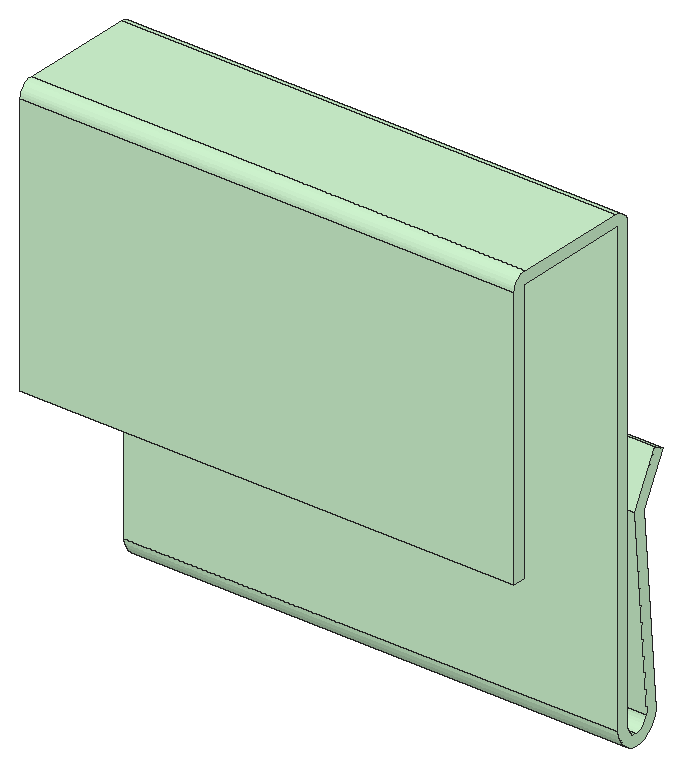
Revit family "sqspacer_w10", category 機械設備, Revit 2022
Family settings
  丸型コネクタ寸法 = 直径を使用
  種別 = なし
  パーツ タイプ = 標準
  作業面ベース = いいえ
  常に垂直 = はい
  ロード時にボイドで切り取り = いいえ
  注釈の向きを維持 = いいえ
  共有 = いいえ
  部屋計算ポイント = いいえ
Parameters
  製造元 = "株式会社桐井製作所"
  既定の高さ = 0 mm
  URL = "https://www.kirii.co.jp/"
  K_材質 = "溶融亜鉛めっき鋼板"
  K_品名 = "SQ-スペーサーW10"
  K_名称 = "SQ-BAR関連部材"
  K_入数 = "800"
  K_バージョン情報 = "20210524"
Reference planes
  plane 1 "中心(正面/背面)": y = 0
  plane 2: z = 0
  plane 3 "中心(左/右)": x = 0
Forms (mm)
  Extrusion 1, solid
    sketch origin (-17.5, 0, 0) x (0, 1, 0) y (0, 0, 1)
      loop
        line (-9.885, 33.7) -> (-1.485, 33.7) -> (-1.485, 1.6)
        arc (-1.485, 1.6) -> (-0.957, 0.494) -> (0.165, 0) r 1.763
        arc (0.165, 0) -> (1.286, 0.494) -> (1.815, 1.6) r 1.763
        line (1.815, 1.6) -> (0.815, 14.7) -> (2.436, 17.942) -> (1.72, 18.3) -> (0, 14.86) -> (1.013, 1.588)
        arc (1.013, 1.588) -> (0.733, 1.039) -> (0.165, 0.8) r 0.897
        arc (0.165, 0.8) -> (-0.408, 1.043) -> (-0.685, 1.6) r 0.897
        line (-0.685, 1.6) -> (-0.685, 33.5)
        arc (-0.685, 33.5) -> (-0.978, 34.207) -> (-1.685, 34.5) r 1
        line (-1.685, 34.5) -> (-9.685, 34.5)
        arc (-9.685, 34.5) -> (-10.393, 34.207) -> (-10.685, 33.5) r 1
        line (-10.685, 33.5) -> (-10.685, 15) -> (-9.885, 15) -> (-9.885, 33.7)
    from 0 to 35
Dimensions and locks
  aligned and locked: level to plane 2
